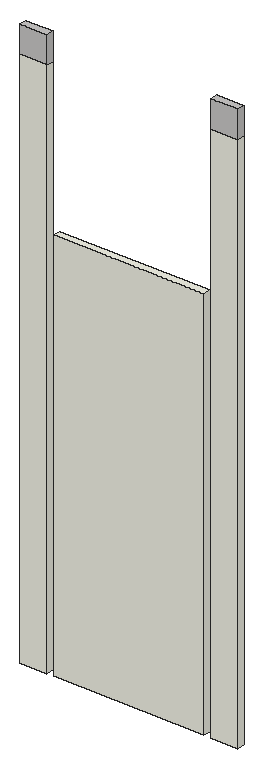
Revit family
Parameters (values of type "B-1088")
  Width Value = if(Inswing Visibility, Inswing Value, if(Outswing, Outswing Value, if(Panel, Panel Value, 36")))  # 22"
  URL = "http://www.bobrick.com"
  Right Stile Visible = yes
  Right Stile Value = if(Right Stile Width < 3", 3", if(Right Stile Width > 24", 24", Right Stile Width))  # 4"
  Partition Material = Laminated Plastic - Bobrick - Designer White
  Panel Value = if(DoorPanel Width < 1", 1", if(DoorPanel Width > 84", 84", DoorPanel Width))  # 1"
  Panel Height [instance] = if(Ceiling Height < 96", 84", if(Ceiling Height > 120", 108", (Ceiling Height - 12")))  # 84"
  Panel = not(Door Panel)  # no
  Outswing Value = if(DoorPanel Width < 25", 25", if(DoorPanel Width > 37", 37", DoorPanel Width))  # 25"
  Outswing = and(not(Inswing Visibility), Door Panel)  # no
  Model = "B1088 DuraLineSeries Ceiling-Hung"
  Manufacturer = "Bobrick Washroom Equipment, Inc."
  Left Stile Visible = yes
  Left Stile Value = if(Left Stile Width < 3", 3", if(Left Stile Width > 24", 24", Left Stile Width))  # 4"
  Inswing Visibility = and(Inswing, Door Panel)  # yes
  Inswing Value = if(DoorPanel Width < 22", 22", if(DoorPanel Width > 37", 37", DoorPanel Width))  # 22"
  Inswing = yes
  DoorPanel Width = 1"
  Door Panel = yes
  Description = "Water and Fire-Resistant Solid Phenolic Partitions and Screens"
  Right Stile Width = 4"
  Ceiling Height [instance] = 96"
  Assembly Code = "C1030200"
  Left Stile Width = 4"
Reference planes (in)
  plane 1 "Center (Front/Back)": y = 0
  plane 2 "Ceiling": z = 96
  plane 3 "Center (Left/Right)": x = 0
  plane 4: y = 0.5
  plane 5: y = -0.5
  plane 6: x = -16
  plane 7: x = -12
  plane 8: x = -11
  plane 9: x = 11
  plane 10: x = 12
  plane 11: x = 16
  plane 12: z = 92
  plane 13: z = 70
  plane 14: z = 12
  plane 15: z = 41
  plane 16: x = 10
  plane 17: y = 22.5
Forms (in)
  Extrusion 1, solid, material "Laminated Plastic - Bobrick - Designer White" <- "Partition Material", visible <- "Left Stile Visible"
    sketch origin (0, 0, 0) x (1, 0, 0) y (0, 1, 0)
      loop
        line (-16, 0.5) -> (-16, -0.5) -> (-12, -0.5) -> (-12, 0.5) -> (-16, 0.5)
    from 12 to 92
  Extrusion 2, solid, material "Laminated Plastic - Bobrick - Designer White" <- "Partition Material", visible <- "Right Stile Visible"
    sketch origin (0, 0, 0) x (1, 0, 0) y (0, 1, 0)
      loop
        line (12, 0.5) -> (12, -0.5) -> (16, -0.5) -> (16, 0.5) -> (12, 0.5)
    from 12 to 92
  Extrusion 3, solid, material "Laminated Plastic - Bobrick - Designer White" <- "Partition Material"
    sketch origin (0, 0, 0) x (1, 0, 0) y (0, 1, 0)
      loop
        line (-11, 0.5) -> (-11, -0.5) -> (11, -0.5) -> (11, 0.5) -> (-11, 0.5)
    from 12 to 70
  Extrusion 4, solid, material "Stainless Steel - Bobrick - Satin", visible <- "Left Stile Visible"
    sketch origin (0, 0, 0) x (1, 0, 0) y (0, 1, 0)
      loop
        line (-16, 0.5) -> (-16, -0.5) -> (-12, -0.5) -> (-12, 0.5) -> (-16, 0.5)
    from 92 to 96
  Extrusion 5, solid, material "Stainless Steel - Bobrick - Satin", visible <- "Right Stile Visible"
    sketch origin (0, 0, 0) x (1, 0, 0) y (0, 1, 0)
      loop
        line (12, 0.5) -> (12, -0.5) -> (16, -0.5) -> (16, 0.5) -> (12, 0.5)
    from 92 to 96
Lines and regions (in)
  Masking region 1, visible <- "Left Stile Visible"
    outline origin (0, 0, 0) x (1, 0, 0) y (0, 0, 1)
      loop
        line (-16, 12) -> (-12, 12) -> (-12, 96) -> (-16, 96) -> (-16, 12)
  Masking region 2, visible <- "Right Stile Visible"
    outline origin (0, 0, 0) x (1, 0, 0) y (0, 0, 1)
      loop
        line (12, 96) -> (12, 12) -> (16, 12) -> (16, 96) -> (12, 96)
  Masking region 3
    outline origin (0, 0, 0) x (1, 0, 0) y (0, 0, 1)
      loop
        line (-11, 70) -> (-11, 12) -> (11, 12) -> (11, 70) -> (-11, 70)
  Masking region 4
    outline origin (0, 0, 0) x (0, 1, 0) y (0, 0, 1)
      loop
        line (0.5, 96) -> (-0.5, 96) -> (-0.5, 12) -> (0.5, 12) -> (0.5, 96)
  Masking region 5, visible <- "Left Stile Visible"
    outline origin (0, 0, 0) x (1, 0, 0) y (0, 1, 0)
      loop
        line (-16, 0.5) -> (-16, -0.5) -> (-12, -0.5) -> (-12, 0.5) -> (-16, 0.5)
  Masking region 6, visible <- "Panel"
    outline origin (0, 0, 0) x (1, 0, 0) y (0, 1, 0)
      loop
        line (-11, 0.5) -> (-11, -0.5) -> (11, -0.5) -> (11, 0.5) -> (-11, 0.5)
  Masking region 7, visible <- "Right Stile Visible"
    outline origin (0, 0, 0) x (1, 0, 0) y (0, 1, 0)
      loop
        line (12, 0.5) -> (12, -0.5) -> (16, -0.5) -> (16, 0.5) -> (12, 0.5)
  symbolic lines, style "Partition Elevation Swing", visible <- "Door Panel"
    curve 1: line (-11, 0, 70) -> (11, 0, 41)
    curve 2: line (11, 0, 41) -> (-11, 0, 12)
  symbolic lines, style "Partition Plan Swing", visible <- "Door Panel"
    curve 3: line (10, 22.5, 0) -> (10, 0.5, 0)
    curve 4: line (10, 22.5, 0) -> (11, 22.5, 0)
    curve 5: line (11, 22.5, 0) -> (11, 0.5, 0)
    curve 6: line (10, 0.5, 0) -> (11, 0.5, 0)
    curve 7: arc (-11, 0.5, 0) -> (-4.55635, 16.05635, 0) -> (11, 22.5, 0) r 22
  symbolic lines, style "Partition", visible <- "Left Stile Visible"
    curve 8: line (-16, 0, 92) -> (-12, 0, 92)
  symbolic lines, style "Partition", visible <- "Right Stile Visible"
    curve 9: line (12, 0, 92) -> (16, 0, 92)
Dimensions and locks (in)
  equal spacing: host sketch curve, plane 3 "Center (Left/Right)", host sketch curve
  equal spacing: host sketch curve, plane 1 "Center (Front/Back)", host sketch curve
  host sketch curve to host sketch curve = 120"  (x2)
  locked: plane 7 to plane 8 at 1
  locked: plane 9 to plane 10 at 1
  "Width Value": plane 8 to plane 9
  equal spacing: plane 8, plane 3 "Center (Left/Right)", plane 9
  "Right Stile Value": plane 10 to plane 11
  "Left Stile Value": plane 6 to plane 7
  equal spacing: plane 5, plane 1 "Center (Front/Back)", plane 4
  locked: plane 4 to plane 5 at 1
  locked: plane 2 "Ceiling" to plane 12 at 4
  locked: plane 13 to plane 14 at 58
  locked: plane 2 "Ceiling" to host ceiling
  "Panel Height": plane 2 "Ceiling" to plane 14
  equal spacing: plane 13, plane 15, plane 14
  "Width Value": plane 17 to plane 4
  locked: plane 16 to plane 9 at 1
  aligned and locked: Extrusion 1 sketch curve to plane 4
  aligned and locked: Extrusion 1 sketch curve to plane 7
  aligned and locked: plane 5 to Extrusion 1 sketch curve
  aligned and locked: plane 6 to Extrusion 1 sketch curve
  aligned and locked: Extrusion 2 sketch curve to plane 4
  aligned and locked: plane 10 to Extrusion 2 sketch curve
  aligned and locked: plane 5 to Extrusion 2 sketch curve
  aligned and locked: Extrusion 2 sketch curve to plane 11
  aligned and locked: Extrusion 3 sketch curve to plane 4
  aligned and locked: plane 8 to Extrusion 3 sketch curve
  aligned and locked: plane 5 to Extrusion 3 sketch curve
  aligned and locked: Extrusion 3 sketch curve to plane 9
  aligned: plane 2 "Ceiling" to Extrusion 1
  aligned and locked: plane 13 to Extrusion 3
  aligned: plane 2 "Ceiling" to Extrusion 2
  aligned and locked: Extrusion 2 to plane 14
  aligned and locked: Extrusion 3 to plane 14
  aligned and locked: Extrusion 1 to plane 14
  aligned and locked: plane 12 to Extrusion 1
  aligned and locked: plane 12 to Extrusion 2
  aligned and locked: Extrusion 4 sketch curve to plane 7
  aligned and locked: plane 6 to Extrusion 4 sketch curve
  aligned and locked: Extrusion 4 sketch curve to plane 4
  aligned and locked: plane 5 to Extrusion 4 sketch curve
  aligned and locked: plane 2 "Ceiling" to Extrusion 4
  aligned and locked: Extrusion 4 to plane 12
  aligned and locked: curve 3 to plane 16
  aligned and locked: curve 4 to plane 17
  aligned and locked: Extrusion 3 to curve 7
  aligned and locked: plane 9 to curve 7
  aligned and locked: plane 4 to curve 7
  aligned and locked: Extrusion 5 to plane 10
  aligned and locked: plane 11 to Extrusion 5
  aligned and locked: Extrusion 5 to plane 12
  aligned and locked: plane 2 "Ceiling" to Extrusion 5
  aligned and locked: Masking region 1 sketch curve to plane 6
  aligned and locked: Masking region 1 sketch curve to plane 14
  aligned and locked: plane 7 to Masking region 1 sketch curve
  aligned and locked: plane 2 "Ceiling" to Masking region 1 sketch curve
  aligned and locked: curve 8 to plane 12
  aligned and locked: plane 7 to curve 8
  aligned and locked: plane 6 to curve 8
  aligned and locked: plane 14 to Masking region 2 sketch curve
  aligned and locked: Masking region 2 sketch curve to plane 11
  aligned and locked: plane 10 to Masking region 2 sketch curve
  aligned and locked: Masking region 2 sketch curve to plane 2 "Ceiling"
  aligned and locked: curve 9 to plane 12
  aligned and locked: plane 10 to curve 9
  aligned and locked: plane 11 to curve 9
  aligned and locked: Masking region 3 sketch curve to plane 9
  aligned and locked: plane 8 to Masking region 3 sketch curve
  aligned and locked: Masking region 3 sketch curve to plane 13
  aligned and locked: plane 14 to Masking region 3 sketch curve
  aligned and locked: plane 14 to Masking region 4 sketch curve
  aligned and locked: Masking region 4 sketch curve to plane 2 "Ceiling"
  aligned and locked: Masking region 4 sketch curve to plane 4
  aligned and locked: Masking region 4 sketch curve to plane 5
  aligned and locked: plane 11 to Masking region 7
  aligned and locked: plane 4 to Masking region 7
  aligned and locked: Masking region 7 to plane 10
  aligned and locked: Masking region 7 to plane 5
  aligned and locked: plane 9 to Masking region 6
  aligned and locked: Masking region 6 to plane 8
  aligned and locked: plane 4 to Masking region 6
  aligned and locked: Masking region 6 to plane 5
  aligned and locked: plane 7 to Masking region 5
  aligned and locked: Masking region 5 to plane 6
  aligned and locked: plane 4 to Masking region 5
  aligned and locked: Masking region 5 to plane 5
Automatic sketch dimensions
  curve 2 to plane 8 = 0"
  curve 1 to plane 8 = 0"
  curve 2 to plane 9 = 0"
  curve 2 to plane 14 = 0"
  curve 1 to plane 15 = 0"
  curve 1 to plane 13 = 0"
  curve 5 to plane 4 = 0"
  Extrusion 5 sketch curve to plane 4 = 0"
  Extrusion 5 sketch curve to plane 10 = 0"
  plane 11 to Extrusion 5 sketch curve = 0"
  Extrusion 5 sketch curve to plane 5 = 0"
  Masking region 5 sketch curve to plane 6 = 0"
  Masking region 5 sketch curve to plane 5 = 0"
  Masking region 5 sketch curve to plane 7 = 0"
  plane 4 to Masking region 5 sketch curve = 0"
  plane 7 to Masking region 6 sketch curve = 1"
  plane 3 "Center (Left/Right)" to Masking region 6 sketch curve = 11"
  Masking region 6 sketch curve to plane 5 = 0"
  plane 4 to Masking region 6 sketch curve = 0"
  plane 16 to Masking region 7 sketch curve = 2"
  Masking region 7 sketch curve to plane 5 = 0"
  plane 10 to Masking region 7 sketch curve = 4"
  plane 4 to Masking region 7 sketch curve = 0"
